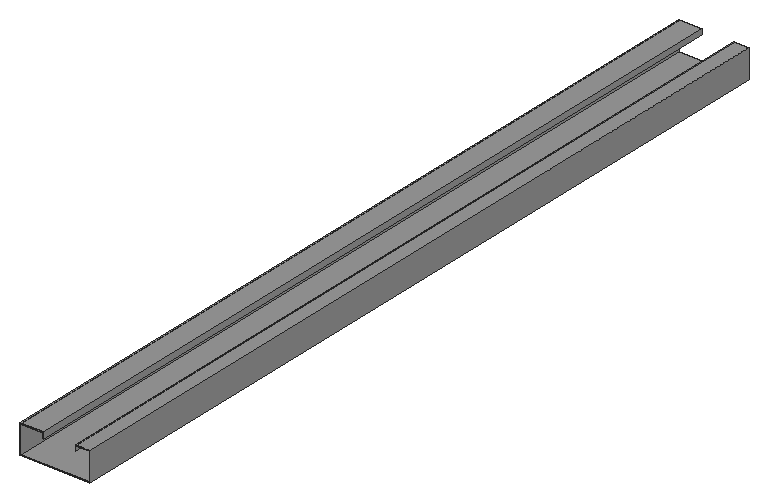
Revit family "Rapid_80_Geräteeinbaukanal_Stahlblech-Systeme_Kanalbreite_170mm_Kanalhöhe_70_und_90_aysymmetrisch", category Generic Models, Revit 2015
Parameters (values of type "GS-A70170RW2")
  URL = "http://www.obo-bettermann.com"
  Material = Steel AISI 1008 91 HR
  Manufacturer Art.No. = "6277807"
  Manufacturer = "OBO Bettermann"
  Lenght = 2000 mm
  Height = 70 mm
  GTIN = "4012195740612"
  Article Type = "GS-A70170RW"
Types (4, lengths in mm): name | Manufacturer Art.No. | Height | GTIN | Article Type
  (no name) | "6277807" | 70 | "4012195740612" | "GS-A70170RW"
  GS-A90170RW | "6277900" | 90 | "4012195663317" | "GS-A90170RW"
  GS-A70170RW | "6277800" | 70 | "4012195662945" | "GS-A70170RW"
  GS-A70170RW2 | "6277807" | 70 | "4012195740612" | "GS-A70170RW"
Reference planes
  plane 1 "Center (Front/Back)": y = 0
  plane 2: z = 0
  plane 3 "Center (Left/Right)": x = 0
  plane 4: x = 70
  plane 5: x = -100
  plane 6: z = 70
  plane 7: x = 34.5
  plane 8: x = -43.56
  plane 9: z = 1
  plane 10: x = -99
  plane 11: x = 69
  plane 12: z = 69
  plane 13: z = 69
  plane 14: x = -44.56
  plane 15: x = 35.5
  plane 16: z = 56.6
  plane 17: y = 2000
Forms (mm)
  Extrusion 1, solid, material "Steel AISI 1008 91 HR" <- "Material"
    sketch origin (0, 0, 0) x (1, 0, 0) y (0, 0, 1)
      loop
        line (35.5, 56.6) -> (35.5, 69) -> (69, 69) -> (69, 1) -> (-99, 1) -> (-99, 69) -> (-44.56, 69) -> (-44.56, 56.6) -> (-43.56, 56.6) -> (-43.56, 70) -> (-100, 70) -> (-100, 0) -> (70, 0) -> (70, 70) -> (34.5, 70) -> (34.5, 56.6) -> (35.5, 56.6)
    from 0 to -2000
Lines and regions (mm)
  model lines
    curve 1: line (35.5, 0, 56.6) -> (34.5, 0, 56.6)
    curve 2: line (34.5, 0, 56.6) -> (34.5, 0, 70)
    curve 3: line (34.5, 0, 70) -> (70, 0, 70)
    curve 4: line (70, 0, 70) -> (70, 0, 0)
    curve 5: line (70, 0, 0) -> (-100, 0, 0)
    curve 6: line (-100, 0, 0) -> (-100, 0, 70)
    curve 7: line (-100, 0, 70) -> (-43.56, 0, 70)
    curve 8: line (-43.56, 0, 70) -> (-43.56, 0, 56.6)
    curve 9: line (-43.56, 0, 56.6) -> (-44.56, 0, 56.6)
    curve 10: line (-44.56, 0, 56.6) -> (-44.56, 0, 69)
    curve 11: line (-44.56, 0, 69) -> (-99, 0, 69)
    curve 12: line (-99, 0, 69) -> (-99, 0, 1)
    curve 13: line (-99, 0, 1) -> (69, 0, 1)
    curve 14: line (69, 0, 1) -> (69, 0, 69)
    curve 15: line (69, 0, 69) -> (35.5, 0, 69)
    curve 16: line (35.5, 0, 69) -> (35.5, 0, 56.6)
Dimensions and locks
  locked: plane 4 to plane 3 "Center (Left/Right)" at 70
  locked: plane 5 to plane 4 at 170
  "Height": level to plane 6
  locked: plane 8 to plane 7 at 78.06
  locked: plane 7 to plane 4 at 35.5
  locked: level to plane 9 at 1
  locked: plane 11 to plane 4 at 1
  locked: plane 12 to plane 6 at 1
  locked: plane 7 to plane 15 at 1
  locked: plane 14 to plane 8 at 1
  locked: plane 13 to plane 6 at 1
  plane 5 to plane 10 = 1 mm
  locked: plane 16 to plane 6 at 13.4
  "Lenght": plane 17 to plane 1 "Center (Front/Back)"
  aligned and locked: level to plane 2
  aligned and locked: plane 16 to curve 1
  aligned and locked: curve 2 to plane 7
  aligned and locked: curve 3 to plane 6
  aligned and locked: plane 4 to curve 4
  aligned and locked: plane 2 to curve 5
  aligned and locked: curve 6 to plane 5
  aligned and locked: curve 7 to plane 6
  aligned and locked: plane 8 to curve 8
  aligned and locked: plane 16 to curve 9
  aligned and locked: curve 10 to plane 14
  aligned and locked: plane 13 to curve 11
  aligned and locked: plane 10 to curve 12
  aligned and locked: curve 13 to plane 9
  aligned and locked: curve 14 to plane 11
  aligned and locked: plane 12 to curve 15
  aligned and locked: plane 15 to curve 16
  aligned and locked: Extrusion 1 sketch curve to curve 1
  aligned and locked: Extrusion 1 sketch curve to curve 2
  aligned and locked: Extrusion 1 sketch curve to curve 3
  aligned and locked: Extrusion 1 sketch curve to curve 16
  aligned and locked: Extrusion 1 sketch curve to curve 15
  aligned and locked: Extrusion 1 sketch curve to curve 4
  aligned and locked: Extrusion 1 sketch curve to curve 14
  aligned and locked: Extrusion 1 sketch curve to curve 5
  aligned and locked: Extrusion 1 sketch curve to curve 13
  aligned and locked: Extrusion 1 sketch curve to curve 12
  aligned and locked: Extrusion 1 sketch curve to curve 6
  aligned and locked: Extrusion 1 sketch curve to curve 11
  aligned and locked: Extrusion 1 sketch curve to curve 7
  aligned and locked: Extrusion 1 sketch curve to curve 10
  aligned and locked: Extrusion 1 sketch curve to curve 9
  aligned and locked: Extrusion 1 sketch curve to curve 8
  aligned and locked: plane 1 "Center (Front/Back)" to Extrusion 1
  aligned and locked: plane 17 to Extrusion 1
